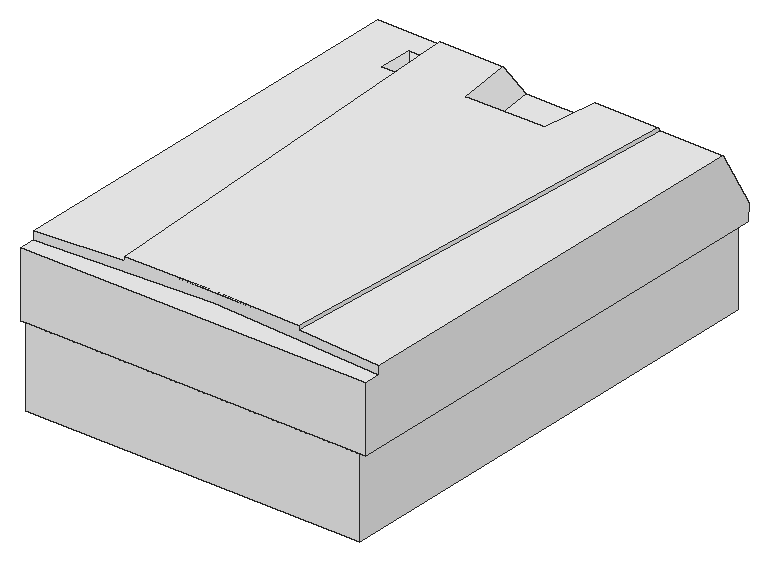
Revit family "Zumtobel nBox", category Electrical Equipment, host Face, Revit 2018
Family settings
  Host = Face
  Round Connector Dimension = Use Diameter
  Part Type = Other Panel
  OmniClass Number = 23.80.10.24.17
  OmniClass Title = Uninterrupted Power Supply (UPS) Units
  Cut with Voids When Loaded = No
  Shared = No
  Room Calculation Point = No
Parameters (values of type "nBox-S")
  nBox L = no
  nBox S = yes
  URL = "http://www.zumtobel.com/22171150"
  Type Comments = "© Zumtobel. We reserve the right to make technical changes without prior notice."  # constant formula
  Model = "22171150"
  Manufacturer = "Zumtobel Lighting"  # constant formula
  Default Elevation = 0 mm
  Apparent Load = 300 VA
Types (3, lengths in mm): name | nBox L | nBox S | URL | Model | Apparent Load
  (no name) | no | yes | "http://www.zumtobel.com/22171150" | "22171150" | 300 VA
  nBox-S | no | yes | "http://www.zumtobel.com/22171150" | "22171150" | 300 VA
  nBox L | yes | no | "http://www.zumtobel.com/22171151" | "22171151" | 630 VA
Reference planes
  plane 1 "Center (Front/Back)": y = 0
  plane 2: z = 0
  plane 3 "Center (Left/Right)": x = 0
  plane 4: x = -154
  plane 5: x = 154
  plane 6: y = 213.25
  plane 7: y = -213.25
  plane 8 "e_connector": z = 5
  plane 9: y = -434.75
Forms (mm)
  Extrusion 1, solid, material "ZG_Metal_White"
    sketch origin (0, 0, 0) x (1, 0, 0) y (0, 1, 0)
      loop
        line (-149, -213.25) -> (149, -213.25) -> (149, 208.25) -> (-149, 208.25) -> (-149, -213.25)
    from 5 to 75
  Extrusion 2, solid, material "ZG_Metal_White", visible <- "nBox S"
    sketch origin (0, 0, 0) x (1, 0, 0) y (0, 1, 0)
      loop
        line (-154, -213.25) -> (154, -213.25) -> (154, 213.25) -> (-154, 213.25) -> (-154, -213.25)
    from 75 to 143
  Extrusion 3, void
    sketch origin (0, 0, 0) x (0, 1, 0) y (0, 0, 1)
      loop
        line (213.25, 90) -> (213.25, 143) -> (183.25, 143) -> (213.25, 90)
    from -154 to 154
  Blend 4, void
    base sketch origin (0, 0, 0) x (1, 0, 0) y (0, 1, 0)
      loop
        line (35.145, 134.832) -> (41.848, 189.422) -> (-41.848, 189.422) -> (-35.145, 134.832) -> (35.145, 134.832)
    top sketch origin (0, 0, 0) x (1, 0, 0) y (0, 1, 0)
      loop
        line (-25.354, 144.765) -> (25.354, 144.765) -> (31.921, 198.25) -> (-31.921, 198.25) -> (-25.354, 144.765)
    from 143 to 118.456
  Extrusion 5, void
    sketch origin (0, 0, 0) x (1, 0, 0) y (0, 1, 0)
      loop
        line (-154, -213.25) -> (154, -213.25) -> (154, -198.25)
        arc (154, -198.25) -> (0, -190.084) -> (-154, -198.25) r 1456.188
        line (-154, -198.25) -> (-154, -213.25)
    from 133 to 143
  Extrusion 6, void
    sketch origin (0, 0, 0) x (1, 0, 0) y (0, 1, 0)
      loop
        line (-157.551, 187.369) -> (-157.551, -198.252) -> (-77.551, -198.252) -> (-97.761, 187.369) -> (-157.551, 187.369)
      loop
        line (157.551, 187.369) -> (97.761, 187.369) -> (77.551, -198.252) -> (157.551, -198.252) -> (157.551, 187.369)
    from 140 to 143
  Blend 7, void
    base sketch origin (0, 0, 0) x (1, 0, 0) y (0, 1, 0)
      loop
        line (-95.001, 134.718) -> (-96.574, 164.718) -> (-110.001, 164.718) -> (-110.001, 134.718) -> (-95.001, 134.718)
    top sketch origin (0, 0, 0) x (1, 0, 0) y (0, 1, 0)
      loop
        line (-98.163, 137.718) -> (-99.421, 161.718) -> (-107.001, 161.718) -> (-107.001, 137.718) -> (-98.163, 137.718)
    from 140 to 133
  Extrusion 8, solid, material "ZG_Metal_White", visible <- "nBox L"
    sketch origin (0, -421.5, 0) x (1, 0, 0) y (0, 1, 0)
      loop
        line (-149, -13.25) -> (149, -13.25) -> (149, 208.25) -> (-149, 208.25) -> (-149, -13.25)
    from 5 to 75
  Extrusion 9, solid, material "ZG_Metal_White", visible <- "nBox L"
    sketch origin (0, 0, 0) x (1, 0, 0) y (0, 1, 0)
      loop
        line (-154, -434.75) -> (154, -434.75) -> (154, 213.25) -> (-154, 213.25) -> (-154, -434.75)
    from 75 to 143
  Extrusion 10, void
    sketch origin (0, -221.5, 0) x (1, 0, 0) y (0, 1, 0)
      loop
        line (-154, -213.25) -> (154, -213.25) -> (154, -198.25)
        arc (154, -198.25) -> (0, -190.084) -> (-154, -198.25) r 1456.188
        line (-154, -198.25) -> (-154, -213.25)
    from 133 to 143
  Extrusion 11, void
    sketch origin (0, 0, 0) x (1, 0, 0) y (0, 1, 0)
      loop
        line (-157.551, 187.369) -> (-157.551, -434.75) -> (-65.157, -434.75) -> (-97.761, 187.369) -> (-157.551, 187.369)
      loop
        line (157.551, 187.369) -> (97.761, 187.369) -> (65.157, -434.75) -> (157.551, -434.75) -> (157.551, 187.369)
    from 140 to 143
  Extrusion 12, void
    sketch origin (0, 0, 0) x (0, 1, 0) y (0, 0, 1)
      loop
        line (213.25, 90) -> (213.25, 143) -> (183.25, 143) -> (213.25, 90)
    from -154 to 154
Cuts and joins
  Extrusion 3, Blend 4, Extrusion 5, Extrusion 6, Blend 7, Extrusion 10, Extrusion 11, Extrusion 12 cuts Extrusion 2
  Blend 4, Blend 7, Extrusion 10, Extrusion 11, Extrusion 12 cuts Extrusion 9
Lines and regions (mm)
  Split face 1
    outline origin (0, 171.507, 118.456) x (-0.992546, -0.121869, 0) y (0.121869, -0.992546, 0)
      loop
        circle (0.962, 7.836) r 15
  Split face 2
    outline origin (0, 171.507, 118.456) x (-0.992546, -0.121869, 0) y (0.121869, -0.992546, 0)
      loop
        circle (0.962, 7.836) r 15
  model lines, style "Zumtobel Lighting", visible <- "nBox L"
    curve 1: line (-76.765, -213.25, 143) -> (76.765, -213.25, 143)
    curve 2: line (-154, -213.25, 140) -> (-76.765, -213.25, 140)
    curve 3: line (154, -213.25, 140) -> (76.765, -213.25, 140)
    curve 4: line (-154, -213.25, 140) -> (-154, -213.25, 75)
    curve 5: line (-76.765, -213.25, 143) -> (-76.765, -213.25, 140)
    curve 6: line (154, -213.25, 140) -> (154, -213.25, 75)
    curve 7: line (76.765, -213.25, 143) -> (76.765, -213.25, 140)
Dimensions and locks
  equal spacing: plane 4, plane 3 "Center (Left/Right)", plane 5
  plane 4 to plane 5 = 308 mm
  equal spacing: plane 7, plane 1 "Center (Front/Back)", plane 6
  plane 7 to plane 6 = 426.5 mm
  plane 6 to plane 9 = 648 mm
  aligned and locked: plane 2 to host face
  aligned and locked: level to host face
  aligned and locked: Extrusion 8 to plane 9
Automatic sketch dimensions
  host sketch curve to host sketch curve = 2438.4 mm  (x2)
  plane 7 to Extrusion 1 sketch curve = 0 mm
  Extrusion 1 sketch curve to plane 4 = 5 mm
  Extrusion 1 sketch curve to plane 5 = 5 mm
  Extrusion 1 sketch curve to plane 6 = 5 mm
  Extrusion 2 sketch curve to plane 4 = 0 mm
  Extrusion 2 sketch curve to plane 5 = 0 mm
  plane 7 to Extrusion 2 sketch curve = 0 mm
  Extrusion 2 sketch curve to plane 6 = 0 mm
  Extrusion 3 sketch curve to plane 6 = 0 mm
  Extrusion 3 sketch curve to Extrusion 3 sketch curve = 30 mm
  plane 8 "e_connector" to Extrusion 3 sketch curve = 85 mm
  Extrusion 3 sketch curve to Extrusion 3 sketch curve = 53 mm
  Blend 4 sketch curve to plane 3 "Center (Left/Right)" = 41.848 mm
  Blend 4 sketch curve to plane 3 "Center (Left/Right)" = 35.145 mm
  plane 3 "Center (Left/Right)" to Blend 4 sketch curve = 35.145 mm
  plane 3 "Center (Left/Right)" to Blend 4 sketch curve = 41.848 mm
  Blend 4 sketch curve to plane 6 = 78.418 mm
  Blend 4 sketch curve to plane 6 = 23.828 mm
  Blend 4 sketch curve to plane 6 = 15 mm
  Blend 4 sketch curve to plane 3 "Center (Left/Right)" = 31.921 mm
  Blend 4 sketch curve to plane 3 "Center (Left/Right)" = 25.354 mm
  plane 3 "Center (Left/Right)" to Blend 4 sketch curve = 25.354 mm
  plane 3 "Center (Left/Right)" to Blend 4 sketch curve = 31.921 mm
  Blend 4 sketch curve to Blend 4 sketch curve = 53.485 mm
  Blend 7 sketch curve to plane 4 = 43.999 mm
  Blend 7 sketch curve to Blend 7 sketch curve = 13.428 mm
  Blend 7 sketch curve to Blend 7 sketch curve = 15 mm
  Blend 7 sketch curve to plane 6 = 78.532 mm
  Blend 7 sketch curve to Blend 7 sketch curve = 30 mm
  Blend 7 sketch curve to plane 4 = 46.999 mm
  Blend 7 sketch curve to Blend 7 sketch curve = 7.581 mm
  Blend 7 sketch curve to Blend 7 sketch curve = 8.839 mm
  Blend 7 sketch curve to plane 6 = 75.532 mm
  Blend 7 sketch curve to Blend 7 sketch curve = 24 mm
  Extrusion 12 sketch curve to plane 6 = 0 mm
  Extrusion 12 sketch curve to Extrusion 12 sketch curve = 30 mm
  plane 8 "e_connector" to Extrusion 12 sketch curve = 85 mm
  Extrusion 12 sketch curve to Extrusion 12 sketch curve = 53 mm
  plane 4 to Extrusion 6 sketch curve = 3.551 mm
  Extrusion 6 sketch curve to plane 6 = 25.881 mm  (x2)
  Extrusion 6 sketch curve to plane 4 = 56.239 mm
  Extrusion 6 sketch curve to plane 7 = 14.998 mm  (x2)
  Extrusion 6 sketch curve to plane 4 = 76.449 mm
  Extrusion 6 sketch curve to plane 5 = 76.449 mm
  Extrusion 6 sketch curve to plane 5 = 56.239 mm
  plane 5 to Extrusion 6 sketch curve = 3.551 mm
  Extrusion 11 sketch curve to plane 6 = 25.881 mm  (x2)
  Extrusion 11 sketch curve to plane 5 = 311.551 mm
  Extrusion 11 sketch curve to Extrusion 11 sketch curve = 59.79 mm  (x2)
  plane 7 to Extrusion 11 sketch curve = 221.5 mm  (x2)
  Extrusion 11 sketch curve to Extrusion 11 sketch curve = 92.394 mm
  Extrusion 11 sketch curve to Extrusion 11 sketch curve = 130.314 mm
  Extrusion 11 sketch curve to Extrusion 11 sketch curve = 195.522 mm
  curve 2 to Extrusion 11 = 0 mm
  curve 3 to Extrusion 11 = 0 mm
  curve 2 to Extrusion 11 = 3.551 mm
  curve 2 to Extrusion 11 = 80.786 mm
  curve 3 to Extrusion 11 = 80.786 mm
  curve 3 to Extrusion 11 = 3.551 mm
  curve 5 to Extrusion 11 = 0 mm
  Extrusion 11 to curve 5 = 0 mm
  Extrusion 11 to curve 5 = 221.804 mm
  Extrusion 5 sketch curve to plane 4 = 0 mm
  Extrusion 5 sketch curve to plane 3 "Center (Left/Right)" = 0 mm
  Extrusion 5 sketch curve to plane 5 = 0 mm
  plane 7 to Extrusion 5 sketch curve = 0 mm
  Extrusion 5 sketch curve to plane 9 = 1211.522 mm
  Extrusion 5 sketch curve to plane 7 = 15 mm
  Split face 1 sketch curve to cut or joined group 1 (Extrusion 2, Extrusion 3, Blend 4, Extrusion 5, Extrusion 6, Blend 7, Extrusion 10, Extrusion 11, Extrusion 12) = 27.462 mm
  Split face 1 sketch curve to cut or joined group 1 = 18.848 mm
  plane 7 to Extrusion 8 sketch curve = 0 mm
  Extrusion 8 sketch curve to plane 9 = 0 mm
  Extrusion 8 sketch curve to plane 4 = 5 mm
  Extrusion 8 sketch curve to plane 5 = 5 mm
  Extrusion 9 sketch curve to plane 4 = 0 mm
  Extrusion 9 sketch curve to plane 5 = 0 mm
  Extrusion 9 sketch curve to plane 9 = 0 mm
  Extrusion 9 sketch curve to plane 6 = 0 mm
  Extrusion 10 sketch curve to plane 4 = 0 mm
  Extrusion 10 sketch curve to plane 3 "Center (Left/Right)" = 0 mm
  Extrusion 10 sketch curve to plane 5 = 0 mm
  Extrusion 10 sketch curve to plane 9 = 0 mm
  Extrusion 10 sketch curve to plane 9 = 1433.022 mm
  plane 9 to Extrusion 10 sketch curve = 15 mm
  curve 1 to Extrusion 9 = 77.235 mm  (x2)
  curve 1 to Extrusion 9 = 221.5 mm
  curve 4 to Extrusion 9 = 0 mm
  curve 4 to Extrusion 9 = 221.5 mm
  Extrusion 9 to curve 4 = 3 mm
  curve 6 to plane 7 = 0 mm
  plane 8 "e_connector" to curve 6 = 135 mm
  curve 6 to curve 6 = 65 mm
  plane 8 "e_connector" to curve 7 = 135 mm
  curve 7 to curve 7 = 3 mm
  radius of Split face 1 sketch curve = 15 mm
Connectors
  electrical at (-129, 188.25, 5), driven by "Apparent Load"
    settings: index 1, voltage 230 V, apparent load 300 VA, apparent load phase1 0 VA, apparent load phase2 0 VA, apparent load phase3 0 VA, power factor 1, load classification "Power", number of poles 1, system type 30, power factor state 1, is connector primary yes, connector utility no, sub classification motor no, connector description ""
